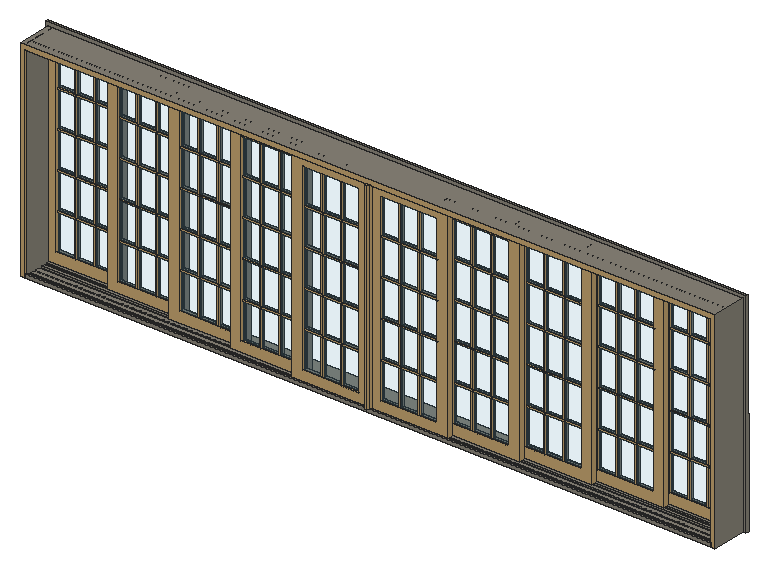
Revit family (continued)
Definition of nested family "Casing_Clad"
  Lines and regions (in)
    symbolic lines, style "Frame/Mullion", visible <- "BMC Visibility", detail levels coarse+medium
      curve 7: line (-338.08307, 1.25, 0) -> (-338.67969, 1.25, 0)
      curve 8: line (-337.74799, 1.09375, 0) -> (-338.08307, 1.25, 0)
      curve 9: line (-337.36719, 1.09375, 0) -> (-337.74799, 1.09375, 0)
      curve 10: line (-338.67969, 1.25, 0) -> (-338.67969, 0, 0)
      curve 15: line (338.67969, 0, 0) -> (338.67969, 1.25, 0)
      curve 16: line (338.67969, 1.25, 0) -> (338.08307, 1.25, 0)
      curve 17: line (338.08307, 1.25, 0) -> (337.74799, 1.09375, 0)
      curve 18: line (337.74799, 1.09375, 0) -> (337.36719, 1.09375, 0)
  Dimensions and locks (in)
    "Width": plane 6 to plane 5
    equal spacing: plane 6, plane 3 "Center (Left/Right)", plane 5
    "Height": plane 4 to plane 2
    aligned and locked: plane 4 to Sweep 1 sketch curve
    aligned and locked: plane 5 to Sweep 1 sketch curve
    aligned and locked: plane 2 to Sweep 1 sketch curve
    aligned and locked: Sweep 1 sketch curve to plane 2
    aligned and locked: plane 4 to Sweep 2 sketch curve
    aligned and locked: plane 5 to Sweep 2 sketch curve
    aligned and locked: plane 2 to Sweep 2 sketch curve
    aligned and locked: Sweep 2 sketch curve to plane 2
    aligned and locked: Masking region 1 sketch curve to Sweep 1
    aligned and locked: plane 1 "Center (Front/Back)" to Masking region 1 sketch curve
    aligned and locked: Sweep 2 to Masking region 1 sketch curve
    aligned and locked: Masking region 1 sketch curve to Sweep 2
    aligned and locked: Masking region 2 sketch curve to Sweep 2  (x3)
    aligned and locked: Sweep 2 to Masking region 2 sketch curve
    aligned and locked: Masking region 3 sketch curve to Sweep 2
    aligned and locked: Masking region 3 sketch curve to Sweep 1  (x4)
    aligned and locked: Sweep 1 to Masking region 3 sketch curve
    aligned and locked: Masking region 4 sketch curve to Sweep 2
    aligned and locked: Masking region 4 sketch curve to Sweep 1  (x5)
    aligned and locked: Masking region 5 sketch curve to Sweep 2  (x2)
    aligned and locked: Sweep 1 to Masking region 5 sketch curve
    aligned and locked: Masking region 5 sketch curve to Sweep 1
    aligned and locked: Masking region 6 sketch curve to Sweep 1  (x6)
    aligned and locked: curve 1 to Masking region 5
    aligned and locked: curve 2 to Sweep 2
    aligned and locked: curve 3 to Sweep 1
    aligned and locked: curve 4 to Masking region 6
    aligned and locked: curve 5 to Sweep 1
    aligned and locked: curve 6 to Masking region 6
    aligned and locked: Masking region 2 to curve 14
    aligned and locked: Masking region 3 to curve 16
    aligned and locked: Masking region 3 to curve 18
    aligned and locked: Sweep 2 sketch curve to plane 6
    aligned and locked: Sweep 1 sketch curve to plane 6
    aligned and locked: curve 11 to Sweep 2
    aligned and locked: curve 10 to Sweep 1
    aligned and locked: Sweep 1 to curve 7
    aligned and locked: curve 8 to Sweep 1
    aligned and locked: Sweep 1 to curve 9
    aligned and locked: curve 13 to Sweep 2
    aligned and locked: curve 15 to Sweep 1
    aligned and locked: curve 17 to Sweep 1
  Automatic sketch dimensions
    curve 1 to plane 4 = 0' - 0"
    curve 2 to plane 1 "Center (Front/Back)" = 0' - 0"
    curve 3 to plane 1 "Center (Front/Back)" = 0' - 0"
    curve 6 to plane 4 = 0' - 0"
    curve 10 to plane 1 "Center (Front/Back)" = 0' - 0"
    curve 11 to plane 1 "Center (Front/Back)" = 0' - 0"
    curve 13 to plane 1 "Center (Front/Back)" = 0' - 0"
    curve 15 to plane 1 "Center (Front/Back)" = 0' - 0"
    plane 5 to curve 12 = 0' - 0"
    curve 18 to plane 6 = 0' - 0"
Definition of nested family "Label Annotation 1-16 w5"
  Parameters
    Label = ""
    Egress Info = "EGRESS WDW"
    Description = "3664 FIXED"
  Reference planes (in)
    plane 1: y = 0
    plane 2: x = 0
  Text (in)
    label "Description" at (0.00375, -0.00345, 0), shows "Description"
Definition of nested family "Door_Section_Detail"
  Parameters (values of type "Door_Section_Detail")
    Performance Sill = no
    Panel Height = Height - 0' 2 7/32"  # 7' - 8 1/2"
    Panel 6 = yes
    Panel 5 = yes
    Panel 4 = yes
    Panel 3 = yes
    Jamb Depth = 1' - 6 55/64"
    Height = 7' - 10 23/32"
    Flush Sill = yes
    Flat Casing = no
    Casing Visibility = yes
    BMC = yes
    Assembly Code = ""
  Reference planes (in)
    plane 1 "Bottom": y = 0
    plane 2: z = 0
    plane 3 "Center (Left/Right)": x = 0
    plane 4: y = 94.71875
    plane 5: x = 18.85937
  Dimensions and locks (in)
    "Height": plane 4 to plane 1 "Bottom"
    "Jamb Depth": plane 3 "Center (Left/Right)" to plane 5
    locked: plane 3 "Center (Left/Right)" to nested 2 at 0.375
    locked: plane 1 "Bottom" to nested 2 at 1.21875
    aligned and locked: plane 4 to nested 1
    aligned and locked: plane 3 "Center (Left/Right)" to nested 1
    aligned and locked: nested 3 to plane 4
    aligned and locked: plane 3 "Center (Left/Right)" to nested 3
    aligned and locked: plane 3 "Center (Left/Right)" to nested 4
    aligned and locked: nested 4 to plane 4
    aligned and locked: plane 3 "Center (Left/Right)" to nested 5
    aligned and locked: nested 5 to plane 1 "Bottom"
  Nested families (in)
    nested 1: "Head_Detail" at (0, 94.71875, 0) x (0, 1, 0) z (0, 0, 1), type "Jamb_Detail", in view "Ref. Level"
    nested 2: "Panel_Section" at (0.375, 1.21875, 0), type "Panel_Detail", in view "Ref. Level"
      with Height 7' - 8 1/2"
    nested 3: "BMC_Detail" at (0, 94.71875, 0), visible <- "BMC", type "BMC_Detail", in view "Ref. Level"
    nested 4: "Flat_Casing_Detail" at (0, 94.71875, 0), visible <- "Flat Casing", type "Flat_Casing_Detail", in view "Ref. Level"
    nested 5: "Sill_Detail" at (0, 0, 0) x (0, 1, 0) z (0, 0, 1), type "Sill_Detail", in view "Ref. Level"
      with Performance Sill no, Flush Sill yes
  Definition of nested family "Head_Detail"
    Parameters (values of type "Jamb_Detail")
      Panel 6 = yes
      Panel 5 = yes
      Panel 4 = yes
      Panel 3 = yes
      Jamb Depth = 1' - 6 55/64"
      No Casing = not(Casing)  # no
      Casing = yes
      Assembly Code = ""
    Reference planes (in)
      plane 1 "Center (Front/Back)": y = 0
      plane 2: z = 0
      plane 3 "Center (Left/Right)": x = 0
      plane 4: y = -3.01172
      plane 5: y = -6.02344
      plane 6: y = -9.03516
      plane 7: y = -12.04688
      plane 8: y = -15.05859
    Lines and regions (in)
      detail lines, style "Cut Lines", in view "Ref. Level", visible <- "No Casing"
        curve 1: line (0.14, 0, 0) -> (1.4675, 0, 0)
        curve 2: line (1.4675, 0.04499, 0) -> (0, 0.04499, 0)
        curve 3: line (1.4675, 0, 0) -> (1.4675, 0.04499, 0)
        curve 4: line (0.14, -0.11, 0) -> (0.14, 0, 0)
        curve 5: line (0, -0.11, 0) -> (0.14, -0.11, 0)
      detail lines, style "Cut Lines", in view "Ref. Level"
        curve 6: line (0, 1.0935, 0) -> (0, -18.85938, 0)
        curve 7: line (0, 1.0935, 0) -> (-0.84375, 1.0935, 0)
        curve 8: line (-0.84375, 1.0935, 0) -> (-0.84375, 0.40625, 0)
        curve 9: line (-0.84375, 0.40625, 0) -> (-1.8125, 0.40625, 0)
        curve 10: line (-1.8125, 0.40625, 0) -> (-1.8125, 0, 0)
        curve 11: line (-1.971, -18.85938, 0) -> (0, -18.85938, 0)
        curve 12: line (-1.971, -18.07813, 0) -> (-1.971, -18.85938, 0)
        curve 14: line (-1.971, -18.07813, 0) -> (-1.5, -18.07813, 0)
        curve 17: line (-1.5, -18.07813, 0) -> (-1.5, -17.82813, 0)
        curve 18: line (-1.5, -17.82813, 0) -> (-0.25, -17.82813, 0)
        curve 20: line (-1.5, 0, 0) -> (-1.8125, 0, 0)
        curve 21: line (-1.5, 0, 0) -> (-1.5, -0.25, 0)
        curve 22: line (-1.5, -0.25, 0) -> (-0.25, -0.25, 0)
        curve 32: line (-1.5, -2.74219, 0) -> (-1.5, -3.28125, 0)
        curve 33: line (-1.5, -3.28125, 0) -> (-0.25, -3.28125, 0)
        curve 34: line (-1.5, -2.74219, 0) -> (-0.25, -2.74219, 0)
        curve 35: line (-0.25, -2.74219, 0) -> (-0.25, -0.25, 0)
        curve 37: line (-0.25, -5.75391, 0) -> (-0.25, -3.28125, 0)
      detail lines, style "Cut Lines", in view "Ref. Level", visible <- "Panel 6"
        curve 13: line (-0.25, -17.82813, 0) -> (-0.25, -15.32813, 0)
        curve 15: line (-1.5, -14.78906, 0) -> (-1.5, -15.32813, 0)
        curve 16: line (-1.5, -15.32813, 0) -> (-0.25, -15.32813, 0)
        curve 19: line (-1.5, -14.78906, 0) -> (-0.25, -14.78906, 0)
      detail lines, style "Cut Lines", in view "Ref. Level", visible <- "Panel 5"
        curve 23: line (-1.5, -11.77734, 0) -> (-1.5, -12.31641, 0)
        curve 24: line (-1.5, -12.31641, 0) -> (-0.25, -12.31641, 0)
        curve 25: line (-1.5, -11.77734, 0) -> (-0.25, -11.77734, 0)
        curve 43: line (-0.25, -14.78906, 0) -> (-0.25, -12.31641, 0)
      detail lines, style "Cut Lines", in view "Ref. Level", visible <- "Panel 4"
        curve 26: line (-1.5, -8.76562, 0) -> (-1.5, -9.30469, 0)
        curve 27: line (-1.5, -9.30469, 0) -> (-0.25, -9.30469, 0)
        curve 28: line (-1.5, -8.76562, 0) -> (-0.25, -8.76562, 0)
        curve 41: line (-0.25, -11.77734, 0) -> (-0.25, -9.30469, 0)
      detail lines, style "Cut Lines", in view "Ref. Level", visible <- "Panel 3"
        curve 29: line (-1.5, -5.75391, 0) -> (-1.5, -6.29297, 0)
        curve 30: line (-1.5, -6.29297, 0) -> (-0.25, -6.29297, 0)
        curve 31: line (-1.5, -5.75391, 0) -> (-0.25, -5.75391, 0)
        curve 39: line (-0.25, -8.76562, 0) -> (-0.25, -6.29297, 0)
      detail lines, style "InvisibleLines", in view "Ref. Level"
        curve 36: line (-0.25, -3.28125, 0) -> (-0.25, -2.74219, 0)
      detail lines, style "InvisibleLines", in view "Ref. Level", visible <- "Panel 3"
        curve 38: line (-0.25, -6.29297, 0) -> (-0.25, -5.75391, 0)
      detail lines, style "InvisibleLines", in view "Ref. Level", visible <- "Panel 4"
        curve 40: line (-0.25, -9.30469, 0) -> (-0.25, -8.76562, 0)
      detail lines, style "InvisibleLines", in view "Ref. Level", visible <- "Panel 5"
        curve 42: line (-0.25, -12.31641, 0) -> (-0.25, -11.77734, 0)
      detail lines, style "InvisibleLines", in view "Ref. Level", visible <- "Panel 6"
        curve 44: line (-0.25, -15.32813, 0) -> (-0.25, -14.78906, 0)
    Dimensions and locks (in)
      "Jamb Depth": curve 11 to plane 1 "Center (Front/Back)"
      curve 11 to curve 14 to curve 18 = 0' - 0 25/32" locked, 0' - 0 1/4" locked
      locked: curve 22 to curve 20 at 0.25
      equal spacing: plane 8, plane 7, plane 6, plane 5, plane 4, plane 1 "Center (Front/Back)"
      curve 33 to plane 4 to curve 34 = 0' - 0 69/256" locked, 0' - 0 69/256" locked
      curve 30 to plane 5 to curve 31 = 0' - 0 69/256" locked, 0' - 0 69/256" locked
      curve 27 to plane 6 to curve 28 = 0' - 0 69/256" locked, 0' - 0 69/256" locked
      curve 24 to plane 7 to curve 25 = 0' - 0 69/256" locked, 0' - 0 69/256" locked
      curve 16 to plane 8 to curve 19 = 0' - 0 69/256" locked, 0' - 0 69/256" locked
    Automatic sketch dimensions
      curve 10 to plane 1 "Center (Front/Back)" = 0' - 0"
      curve 11 to plane 3 "Center (Left/Right)" = 0' - 0"
      curve 4 to plane 1 "Center (Front/Back)" = 0' - 0"
      curve 27 to plane 3 "Center (Left/Right)" = 0' - 0 1/4"
      curve 9 to plane 1 "Center (Front/Back)" = 0' - 0 13/32"
      curve 9 to plane 3 "Center (Left/Right)" = 0' - 0 27/32"
      curve 27 to curve 27 = 0' - 1 1/4"
      curve 19 to curve 19 = 0' - 1 1/4"
      curve 17 to curve 13 = 0' - 1 1/4"
      curve 20 to curve 8 = 0' - 0 21/32"
      curve 23 to curve 24 = 0' - 1 1/4"
      curve 34 to curve 34 = 0' - 1 1/4"
      curve 31 to curve 31 = 0' - 1 1/4"
      curve 20 to curve 20 = 0' - 0 5/16"
      curve 14 to curve 14 = 0' - 0.471"
      plane 3 "Center (Left/Right)" to curve 4 = 0' - 0.14"
      curve 2 to plane 1 "Center (Front/Back)" = 0' - 0.04499"
      curve 1 to curve 2 = 0' - 1.3275"
      plane 1 "Center (Front/Back)" to curve 5 = 0' - 0.11"
      curve 2 to curve 7 = 0' - 1.04851"
      curve 19 to plane 8 = 0' - 0 69/256"
      plane 8 to curve 16 = 0' - 0 69/256"
  Definition of nested family "Panel_Section"
    Parameters (values of type "Panel_Detail")
      Height = 7' - 11 9/32"
      Assembly Code = ""
    Reference planes (in)
      plane 1 "Bottom": y = 0
      plane 2: z = 0
      plane 3 "Center (Left/Right)": x = 0
      plane 4: x = 2.21875
      plane 5: y = 95.28125
    Lines and regions (in)
      detail lines, style "Cut Lines", in view "Ref. Level"
        curve 1: line (0.4863, 4.07825, 0) -> (0.4863, 91.203, 0)
        curve 2: line (0.6738, 4.07825, 0) -> (0.6738, 91.203, 0)
        curve 3: line (1.2363, 91.203, 0) -> (1.2363, 4.07825, 0)
        curve 4: line (1.4238, 4.07825, 0) -> (1.4238, 91.203, 0)
    Dimensions and locks (in)
      locked: plane 3 "Center (Left/Right)" to plane 4 at 2.21875
      "Height": plane 1 "Bottom" to plane 5
      aligned and locked: nested 2 to plane 5
      aligned and locked: nested 2 to plane 3 "Center (Left/Right)"
      aligned and locked: nested 1 to plane 1 "Bottom"
      aligned and locked: plane 3 "Center (Left/Right)" to nested 1
      aligned and locked: curve 1 to nested 1  (x2)
      aligned and locked: curve 2 to nested 1
      aligned and locked: nested 1 to curve 2
      aligned and locked: nested 2 to curve 2
      aligned and locked: curve 3 to nested 2
      aligned and locked: nested 1 to curve 3
      aligned and locked: nested 2 to curve 3
      aligned and locked: nested 1 to curve 4
      aligned and locked: curve 4 to nested 1
    Automatic sketch dimensions
      curve 4 to curve 3 = 0' - 0"
      curve 1 to curve 2 = 0' - 0"
    Nested families (in)
      nested 1: "Stile_Detail" at (0, 0, 0) x (0, 1, 0) z (0, 0, 1), type "Stile_Detail", in view "Ref. Level"
      nested 2: "Stile_Detail" at (0, 95.28125, 0) x (0, -1, 0) z (0, 0, 1), type "Stile_Detail", in view "Ref. Level"
    Definition of nested family "Stile_Detail"
      Parameters (values of type "Stile_Detail")
        Assembly Code = ""
      Reference planes (in)
        plane 1 "Center (Front/Back)": y = 0
        plane 2: z = 0
        plane 3 "Center (Left/Right)": x = 0
      Lines and regions (in)
        detail lines, style "Cut Lines", in view "Ref. Level"
          curve 1: line (0, 0, 0) -> (4.48438, 0, 0)
          curve 2: line (4.73438, -2.21875, 0) -> (0, -2.21875, 0)
          curve 3: line (4.73438, -0.39904, 0) -> (4.73438, -0.4375, 0)
          curve 4: line (0, -2.21875, 0) -> (0, 0, 0)
          curve 5: line (4.48438, 0, 0) -> (4.48438, -0.14904, 0)
          curve 6: line (4.48438, -0.14904, 0) -> (4.73438, -0.39904, 0)
          curve 7: line (4, -0.4375, 0) -> (4, -1.5, 0)
          curve 8: line (4, -0.4375, 0) -> (4.73438, -0.4375, 0)
          curve 9: line (4, -1.5, 0) -> (4.73438, -1.5, 0)
          curve 10: line (4.73438, -1.5, 0) -> (4.73438, -2.21875, 0)
          curve 11: line (4.07825, -0.4863, 0) -> (4.07825, -1.4238, 0)
          curve 12: line (4.38075, -0.6738, 0) -> (4.38075, -1.2363, 0)
  Definition of nested family "BMC_Detail"
    Parameters (values of type "BMC_Detail")
      Assembly Code = ""
    Reference planes (in)
      plane 1 "Center (Front/Back)": y = 0
      plane 2: z = 0
      plane 3 "Center (Left/Right)": x = 0
    Lines and regions (in)
      detail lines, style "Cut Lines", in view "Ref. Level"
        curve 1: line (-1.25, 0.71589, 0) -> (-1.25, 1.3125, 0)
        curve 2: line (-1.25, 1.3125, 0) -> (0, 1.3125, 0)
        curve 3: line (0, 0, 0) -> (-1.09375, 0, 0)
        curve 4: line (-1.09375, 0, 0) -> (-1.09375, 0.38081, 0)
        curve 5: line (-1.09375, 0.38081, 0) -> (-1.25, 0.71589, 0)
        curve 6: line (0, 0, 0) -> (0, 1.3125, 0)
  Definition of nested family "Flat_Casing_Detail"
    Parameters (values of type "Flat_Casing_Detail")
      Assembly Code = ""
    Reference planes (in)
      plane 1 "Center (Front/Back)": y = 0
      plane 2: z = 0
      plane 3 "Center (Left/Right)": x = 0
    Lines and regions (in)
      detail lines, style "Cut Lines", in view "Ref. Level"
        curve 1: line (-1.09375, 3, 0) -> (0, 3, 0)
        curve 2: line (0, 0, 0) -> (-1.09375, 0, 0)
        curve 3: line (-1.09375, 0, 0) -> (-1.09375, 3, 0)
        curve 4: line (0, 0, 0) -> (0, 3, 0)
  Definition of nested family "Sill_Detail"
    Parameters (values of type "Sill_Detail")
      Performance Sill = yes
      Panel 6 = yes
      Panel 5 = yes
      Panel 4 = yes
      Panel 3 = yes
      Jamb Depth = 1' - 6 55/64"
      Flush Sill = no
      Assembly Code = ""
    Reference planes (in)
      plane 1 "Center (Front/Back)": y = 0
      plane 2: z = 0
      plane 3 "Center (Left/Right)": x = 0
      plane 4: y = -1.50586
      plane 5: y = -4.51758
      plane 6: y = -7.5293
      plane 7: y = -10.54102
      plane 8: y = -13.55273
      plane 9: y = -16.56445
    Lines and regions (in)
      detail lines, style "Cut Lines", in view "Ref. Level"
        curve 1: line (0, 1.03125, 0) -> (0, -18.85938, 0)
        curve 2: line (0, 1.03125, 0) -> (0.75, 1.03125, 0)
        curve 3: line (0.75, 1.03125, 0) -> (0.75, -0.63177, 0)
        curve 10: line (0.75, -18.39062, 0) -> (0.75, -17.12695, 0)
        curve 11: line (0.75, -17.12695, 0) -> (0.25, -17.12695, 0)
        curve 13: line (0.75, -0.63177, 0) -> (0.25, -0.63177, 0)
        curve 23: line (0.75, -2.06836, 0) -> (0.75, -3.64258, 0)
        curve 24: line (0.75, -3.64258, 0) -> (0.25, -3.64258, 0)
        curve 25: line (0.75, -2.06836, 0) -> (0.25, -2.06836, 0)
        curve 26: line (0.25, -2.06836, 0) -> (0.25, -1.55751, 0)
        curve 28: line (0.25, -5.08008, 0) -> (0.25, -3.64258, 0)
        curve 37: line (0.75, -18.85938, 0) -> (0, -18.85938, 0)
        curve 38: line (0.375, -1.88086, 0) -> (0.375, -1.75586, 0)
        curve 39: line (1.21875, -0.81981, 0) -> (0.375, -0.81981, 0)
        curve 40: line (1.21875, -1.88086, 0) -> (0.375, -1.88086, 0)
        curve 41: line (0.965, -0.94481, 0) -> (0.375, -0.94481, 0)
        curve 42: line (0.965, -1.75586, 0) -> (0.965, -0.94481, 0)
        curve 43: line (0.375, -0.94481, 0) -> (0.375, -0.81981, 0)
        curve 76: line (0.65964, -4.29883, 0) -> (0.455, -4.29883, 0)
        curve 77: line (0.65964, -4.51758, 0) -> (0.455, -4.51758, 0)
        curve 78: line (0.65964, -4.29883, 0) -> (0.65964, -4.51758, 0)
        curve 79: line (0.455, -4.51758, 0) -> (0.37044, -4.67383, 0)
        curve 80: line (0.37044, -4.67383, 0) -> (0.25, -4.67383, 0)
        curve 81: line (0.455, -4.29883, 0) -> (0.37044, -4.14258, 0)
        curve 82: line (0.37044, -4.14258, 0) -> (0.25, -4.14258, 0)
        curve 83: line (0.25, -4.14258, 0) -> (0.25, -4.67383, 0)
        curve 84: line (0.25, -1.13177, 0) -> (0.375, -1.13177, 0)
        curve 85: line (0.25, -1.55751, 0) -> (0.375, -1.55751, 0)
        curve 86: line (0.25, -1.13177, 0) -> (0.25, -0.63177, 0)
        curve 87: line (0.965, -1.75586, 0) -> (0.375, -1.75586, 0)
        curve 88: line (0.375, -1.00877, 0) -> (0.965, -0.94481, 0)
        curve 89: line (0.375, -1.00877, 0) -> (0.375, -1.68052, 0)
        curve 90: line (0.375, -1.68052, 0) -> (0.965, -1.74447, 0)
        curve 91: line (0.965, -1.01515, 0) -> (0.46875, -1.0929, 0)
        curve 92: line (0.46875, -1.59638, 0) -> (0.965, -1.67498, 0)
        curve 93: line (0.46875, -1.0929, 0) -> (0.46875, -1.59638, 0)
      detail lines, style "Cut Lines", in view "Ref. Level", visible <- "Performance Sill"
        curve 4: line (1.8125, -18.85938, 0) -> (0.75, -18.85938, 0)
        curve 5: line (1.8125, -18.39062, 0) -> (1.8125, -18.85938, 0)
        curve 7: line (1.8125, -18.39062, 0) -> (0.75, -18.39062, 0)
      detail lines, style "Cut Lines", in view "Ref. Level", visible <- "Panel 6"
        curve 6: line (0.25, -17.12695, 0) -> (0.25, -15.68945, 0)
        curve 8: line (0.75, -14.11523, 0) -> (0.75, -15.68945, 0)
        curve 9: line (0.75, -15.68945, 0) -> (0.25, -15.68945, 0)
        curve 12: line (0.75, -14.11523, 0) -> (0.25, -14.11523, 0)
        curve 44: line (0.65964, -16.3457, 0) -> (0.455, -16.3457, 0)
        curve 45: line (0.65964, -16.56445, 0) -> (0.455, -16.56445, 0)
        curve 46: line (0.65964, -16.3457, 0) -> (0.65964, -16.56445, 0)
        curve 47: line (0.455, -16.56445, 0) -> (0.37044, -16.7207, 0)
        curve 48: line (0.37044, -16.7207, 0) -> (0.25, -16.7207, 0)
        curve 49: line (0.455, -16.3457, 0) -> (0.37044, -16.18945, 0)
        curve 50: line (0.37044, -16.18945, 0) -> (0.25, -16.18945, 0)
        curve 51: line (0.25, -16.18945, 0) -> (0.25, -16.7207, 0)
      detail lines, style "Cut Lines", in view "Ref. Level", visible <- "Panel 5"
        curve 14: line (0.75, -11.10352, 0) -> (0.75, -12.67773, 0)
        curve 15: line (0.75, -12.67773, 0) -> (0.25, -12.67773, 0)
        curve 16: line (0.75, -11.10352, 0) -> (0.25, -11.10352, 0)
        curve 34: line (0.25, -14.11523, 0) -> (0.25, -12.67773, 0)
        curve 52: line (0.65964, -13.33398, 0) -> (0.455, -13.33398, 0)
        curve 53: line (0.65964, -13.55273, 0) -> (0.455, -13.55273, 0)
        curve 54: line (0.65964, -13.33398, 0) -> (0.65964, -13.55273, 0)
        curve 55: line (0.455, -13.55273, 0) -> (0.37044, -13.70898, 0)
        curve 56: line (0.37044, -13.70898, 0) -> (0.25, -13.70898, 0)
        curve 57: line (0.455, -13.33398, 0) -> (0.37044, -13.17773, 0)
        curve 58: line (0.37044, -13.17773, 0) -> (0.25, -13.17773, 0)
        curve 59: line (0.25, -13.17773, 0) -> (0.25, -13.70898, 0)
      detail lines, style "Cut Lines", in view "Ref. Level", visible <- "Panel 4"
        curve 17: line (0.75, -8.0918, 0) -> (0.75, -9.66602, 0)
        curve 18: line (0.75, -9.66602, 0) -> (0.25, -9.66602, 0)
        curve 19: line (0.75, -8.0918, 0) -> (0.25, -8.0918, 0)
        curve 32: line (0.25, -11.10352, 0) -> (0.25, -9.66602, 0)
        curve 60: line (0.65964, -10.32227, 0) -> (0.455, -10.32227, 0)
        curve 61: line (0.65964, -10.54102, 0) -> (0.455, -10.54102, 0)
        curve 62: line (0.65964, -10.32227, 0) -> (0.65964, -10.54102, 0)
        curve 63: line (0.455, -10.54102, 0) -> (0.37044, -10.69727, 0)
        curve 64: line (0.37044, -10.69727, 0) -> (0.25, -10.69727, 0)
        curve 65: line (0.455, -10.32227, 0) -> (0.37044, -10.16602, 0)
        curve 66: line (0.37044, -10.16602, 0) -> (0.25, -10.16602, 0)
        curve 67: line (0.25, -10.16602, 0) -> (0.25, -10.69727, 0)
      detail lines, style "Cut Lines", in view "Ref. Level", visible <- "Panel 3"
        curve 20: line (0.75, -5.08008, 0) -> (0.75, -6.6543, 0)
        curve 21: line (0.75, -6.6543, 0) -> (0.25, -6.6543, 0)
        curve 22: line (0.75, -5.08008, 0) -> (0.25, -5.08008, 0)
        curve 30: line (0.25, -8.0918, 0) -> (0.25, -6.6543, 0)
        curve 68: line (0.65964, -7.31055, 0) -> (0.455, -7.31055, 0)
        curve 69: line (0.65964, -7.5293, 0) -> (0.455, -7.5293, 0)
        curve 70: line (0.65964, -7.31055, 0) -> (0.65964, -7.5293, 0)
        curve 71: line (0.455, -7.5293, 0) -> (0.37044, -7.68555, 0)
        curve 72: line (0.37044, -7.68555, 0) -> (0.25, -7.68555, 0)
        curve 73: line (0.455, -7.31055, 0) -> (0.37044, -7.1543, 0)
        curve 74: line (0.37044, -7.1543, 0) -> (0.25, -7.1543, 0)
        curve 75: line (0.25, -7.1543, 0) -> (0.25, -7.68555, 0)
      detail lines, style "InvisibleLines", in view "Ref. Level"
        curve 27: line (0.25, -3.64258, 0) -> (0.25, -2.06836, 0)
      detail lines, style "InvisibleLines", in view "Ref. Level", visible <- "Panel 3"
        curve 29: line (0.25, -6.6543, 0) -> (0.25, -5.08008, 0)
      detail lines, style "InvisibleLines", in view "Ref. Level", visible <- "Panel 4"
        curve 31: line (0.25, -9.66602, 0) -> (0.25, -8.0918, 0)
      detail lines, style "InvisibleLines", in view "Ref. Level", visible <- "Panel 5"
        curve 33: line (0.25, -12.67773, 0) -> (0.25, -11.10352, 0)
      detail lines, style "InvisibleLines", in view "Ref. Level", visible <- "Panel 6"
        curve 35: line (0.25, -15.68945, 0) -> (0.25, -14.11523, 0)
      detail lines, style "Cut Lines", in view "Ref. Level", visible <- "Flush Sill"
        curve 36: line (0.75, -18.39062, 0) -> (0.75, -18.85938, 0)
    Dimensions and locks (in)
      "Jamb Depth": curve 37 to plane 1 "Center (Front/Back)"
      plane 9 to plane 8 to plane 7 to plane 6 to plane 5 to plane 4 to plane 1 "Center (Front/Back)" = 0' - 3 3/256" locked, 0' - 3 3/256" locked, 0' - 3 3/256" locked, 0' - 3 3/256" locked, 0' - 3 3/256" locked, 0' - 1.50586" locked
      locked: plane 1 "Center (Front/Back)" to curve 2 at 1.03125
      curve 25 to plane 4 to curve 13 = 0' - 0 9/16" locked, 0' - 0.87409" locked
      curve 24 to plane 5 to curve 22 = 0' - 0 7/8" locked, 0' - 0 9/16" locked
      curve 21 to plane 6 to curve 19 = 0' - 0 7/8" locked, 0' - 0 9/16" locked
      curve 18 to plane 7 to curve 16 = 0' - 0 7/8" locked, 0' - 0 9/16" locked
      curve 15 to plane 8 to curve 12 = 0' - 0 7/8" locked, 0' - 0 9/16" locked
      locked: curve 9 to plane 9 at 0.875
      curve 11 to curve 7 to curve 37 = 0' - 1.26367" locked, 0' - 0 15/32" locked
      locked: plane 3 "Center (Left/Right)" to curve 5 at 1.8125
      locked: plane 3 "Center (Left/Right)" to curve 3 at 0.75
      curve 58 to plane 8 to curve 56 = 0' - 0 3/8" locked, 0' - 0 5/32" locked
      curve 66 to plane 7 to curve 64 = 0' - 0 3/8" locked, 0' - 0 5/32" locked
      curve 74 to plane 6 to curve 72 = 0' - 0 3/8" locked, 0' - 0 5/32" locked
      curve 82 to plane 5 to curve 80 = 0' - 0 3/8" locked, 0' - 0 5/32" locked
      curve 50 to plane 9 to curve 48 = 0' - 0 3/8" locked, 0' - 0 5/32" locked
      aligned and locked: curve 3 to curve 23
      aligned and locked: curve 3 to curve 20
      aligned and locked: curve 3 to curve 17
      aligned and locked: curve 3 to curve 14
      aligned and locked: curve 3 to curve 8
      aligned and locked: curve 10 to curve 3
    Automatic sketch dimensions
      curve 1 to plane 3 "Center (Left/Right)" = 0' - 0"
      curve 63 to plane 7 = 0' - 0"
      curve 47 to plane 9 = 0' - 0"
      curve 53 to plane 8 = 0' - 0"
      curve 79 to plane 5 = 0' - 0"
      curve 69 to plane 6 = 0' - 0"
      plane 3 "Center (Left/Right)" to curve 86 = 0' - 0 1/4"
      plane 4 to curve 85 = 0' - 0.05165"
      plane 3 "Center (Left/Right)" to curve 85 = 0' - 0 1/4"
      plane 3 "Center (Left/Right)" to curve 83 = 0' - 0 1/4"
      curve 51 to curve 50 = 0' - 0"
      plane 3 "Center (Left/Right)" to curve 75 = 0' - 0 1/4"
      plane 3 "Center (Left/Right)" to curve 56 = 0' - 0 1/4"
      plane 3 "Center (Left/Right)" to curve 67 = 0' - 0 1/4"
      curve 58 to curve 57 = 0' - 0.12044"
      curve 64 to curve 64 = 0' - 0.12044"
      curve 66 to curve 65 = 0' - 0.12044"
      curve 72 to curve 71 = 0' - 0.12044"
      curve 74 to curve 73 = 0' - 0.12044"
      curve 56 to curve 56 = 0' - 0.12044"
      curve 80 to curve 79 = 0' - 0.12044"
      curve 82 to curve 81 = 0' - 0.12044"
      curve 50 to curve 50 = 0' - 0.12044"
      curve 48 to curve 48 = 0' - 0.12044"
      curve 84 to curve 89 = 0' - 0 1/8"
      curve 43 to curve 88 = 0' - 0"
      curve 87 to curve 89 = 0' - 0"
      plane 9 to curve 49 = 0' - 0 7/32"
      curve 49 to curve 49 = 0' - 0.08456"
      curve 63 to curve 63 = 0' - 0.08456"
      curve 47 to curve 47 = 0' - 0.08456"
      plane 7 to curve 65 = 0' - 0 7/32"
      curve 65 to curve 65 = 0' - 0.08456"
      curve 81 to curve 76 = 0' - 0.08456"
      curve 57 to curve 52 = 0' - 0.08456"
      curve 55 to curve 53 = 0' - 0.08456"
      curve 79 to curve 79 = 0' - 0.08456"
      curve 73 to plane 6 = 0' - 0 7/32"
      curve 73 to curve 73 = 0' - 0.08456"
      curve 71 to curve 69 = 0' - 0.08456"
      plane 4 to curve 92 = 0' - 0.09052"
      curve 85 to curve 92 = 0' - 0 3/32"
      curve 61 to curve 61 = 0' - 0.20464"
      curve 52 to curve 52 = 0' - 0.20464"
      curve 77 to curve 78 = 0' - 0.20464"
      curve 45 to curve 46 = 0' - 0.20464"
      curve 68 to curve 68 = 0' - 0.20464"
      plane 4 to curve 92 = 0' - 0.16912"
      curve 23 to curve 92 = 0' - 0.215"
      curve 42 to curve 40 = 0' - 0.25375"
      curve 41 to curve 39 = 0' - 0.25375"
      curve 52 to plane 8 = 0' - 0 7/32"
      curve 81 to curve 81 = 0' - 0 5/32"
      curve 40 to curve 92 = 0' - 0.20588"
      curve 87 to curve 92 = 0' - 0.08088"
      curve 42 to curve 90 = 0' - 0.01139"
      curve 38 to curve 90 = 0' - 0.07534"
      curve 84 to plane 4 = 0' - 0.37409"
      curve 84 to curve 93 = 0' - 0.03887"
      curve 91 to curve 3 = 0' - 0.38338"
      curve 84 to curve 89 = 0' - 0.123"
      curve 91 to curve 88 = 0' - 0.07034"
      curve 41 to curve 39 = 0' - 0 1/8"
Definition of nested family "Door_Plan_Detail"
  Parameters (values of type "Door_Plan_Detail")
    Width = 16' - 0"
    Stile Overlap = 0' - 4 47/64"
    Panel Width = 1' - 10 203/256"
    Panel 5 = yes
    Panel 4 = yes
    Panel 3 = yes
    Number of Panels = 10
    Jamb Depth = 1' - 3 27/32"
    Casing = no
    Assembly Code = ""
  Reference planes (in)
    plane 1 "Center (Front/Back)": y = 0
    plane 2: z = 0
    plane 3 "Center (Left/Right)": x = 0
    plane 4: x = -96
    plane 5: x = 96
    plane 6: y = -15.84375
    plane 7: x = -95.07812
    plane 8: x = 95.07812
    plane 9: x = -54.22656
    plane 10: x = -58.96094
    plane 11: x = -72.28516
    plane 12: x = -77.01953
    plane 13: x = -36.16797
    plane 14: y = -0.375
    plane 15: y = -3.39453
    plane 16: y = -6.41406
    plane 17: y = -9.43359
    plane 18: x = -40.90234
    plane 19: x = -22.84375
    plane 20: x = -18.10937
    plane 21: y = -12.45313
    plane 22: y = -12.45703
    plane 23: x = 54.22656
    plane 24: x = 58.96094
    plane 25: x = 72.28516
    plane 26: x = 77.01953
    plane 27: x = 36.16797
    plane 28: x = 40.90234
    plane 29: x = 22.84375
    plane 30: x = 18.10937
  Lines and regions (in)
    Masking region 1, in view "Ref. Level"
      outline origin (0, 0, 0) x (1, 0, 0) y (0, 1, 0)
        loop
          line (-96, 1.0935) -> (-96, -15.84375) -> (-0.47899, -15.84375) -> (0.75553, -15.84375) -> (96, -15.84375) -> (96, 1.0935) -> (-96, 1.0935)
    Masking region 2, in view "Ref. Level", detail levels fine
      outline origin (0, 0, 0) x (1, 0, 0) y (0, 1, 0)
        loop
          line (-0.47899, -15.84375) -> (-0.32671, -17.30088) -> (0.60238, -17.30088) -> (0.75553, -15.84375) -> (-0.47899, -15.84375)
    detail lines, style "Cut Lines", in view "Ref. Level", detail levels fine
      curve 1: line (1.02648, -14.67578, 0) -> (0.92463, -15.64478, 0)
      curve 2: line (0.92463, -15.64478, 0) -> (0.77644, -15.64478, 0)
      curve 3: line (0.77644, -15.64478, 0) -> (0.75553, -15.84375, 0)
      curve 4: line (-0.74972, -14.67578, 0) -> (-0.64839, -15.64478, 0)
      curve 5: line (-0.64839, -15.64478, 0) -> (-0.49978, -15.64478, 0)
      curve 6: line (-0.49978, -15.64478, 0) -> (-0.47899, -15.84375, 0)
      curve 7: line (-0.74972, -14.67578, 0) -> (1.02648, -14.67578, 0)
    detail lines, in view "Ref. Level", detail levels coarse+medium
      curve 8: line (-0.47899, -15.84375, 0) -> (0.75553, -15.84375, 0)
  Dimensions and locks (in)
    equal spacing: plane 4, plane 3 "Center (Left/Right)", plane 5
    "Width": plane 4 to plane 5
    "Jamb Depth": plane 6 to plane 1 "Center (Front/Back)"
    locked: plane 4 to plane 7 at 0.92188
    "Stile Overlap": plane 10 to plane 9
    locked: plane 8 to plane 5 at 0.92188
    "Stile Overlap": plane 12 to plane 11
    "Panel Width": plane 7 to plane 11
    "Panel Width": plane 12 to plane 9
    "Panel Width": plane 10 to plane 13
    locked: plane 17 to plane 16 at 3.01953
    locked: plane 16 to plane 15 at 3.01953
    locked: plane 15 to plane 14 at 3.01953
    locked: plane 14 to plane 1 "Center (Front/Back)" at 0.375
    "Stile Overlap": plane 20 to plane 19
    "Panel Width": plane 18 to plane 20
    locked: plane 21 to plane 17 at 3.01953
    locked: plane 6 to plane 22 at 3.38672
    "Stile Overlap": plane 18 to plane 13
    "Stile Overlap": plane 24 to plane 23
    "Stile Overlap": plane 26 to plane 25
    "Panel Width": plane 26 to plane 23
    "Panel Width": plane 24 to plane 27
    "Stile Overlap": plane 30 to plane 29
    "Panel Width": plane 28 to plane 30
    "Stile Overlap": plane 28 to plane 27
    "Panel Width": plane 25 to plane 8
    Masking region 2 sketch curve to plane 3 "Center (Left/Right)" to Masking region 2 sketch curve = 0' - 0.47899" locked, 0' - 0.75553" locked
    Masking region 2 sketch curve to plane 3 "Center (Left/Right)" to Masking region 2 sketch curve = 0' - 0.32671" locked, 0' - 0.60238" locked
    locked: Masking region 2 sketch curve to plane 6 at 1.45713
    curve 7 to plane 3 "Center (Left/Right)" to curve 7 = 0' - 0.74972" locked, 0' - 1.02648" locked
    locked: plane 6 to curve 7 at 1.16797
    aligned and locked: plane 4 to nested 1
    aligned and locked: plane 1 "Center (Front/Back)" to nested 1
    aligned and locked: plane 7 to nested 2
    aligned and locked: plane 14 to nested 2
    aligned and locked: plane 15 to nested 3
    aligned and locked: plane 12 to nested 3
    aligned and locked: plane 10 to nested 4
    aligned and locked: plane 16 to nested 4
    aligned and locked: plane 18 to nested 5
    aligned and locked: plane 17 to nested 5
    aligned and locked: nested 6 to plane 19
    aligned and locked: plane 21 to nested 6
    aligned and locked: nested 7 to plane 5
    aligned and locked: nested 7 to plane 1 "Center (Front/Back)"
    aligned and locked: nested 12 to plane 22
    aligned and locked: plane 29 to nested 12
    aligned and locked: nested 11 to plane 28
    aligned and locked: nested 10 to plane 24
    aligned and locked: nested 11 to plane 17
    aligned and locked: nested 10 to plane 16
    aligned and locked: nested 9 to plane 15
    aligned and locked: nested 9 to plane 26
    aligned and locked: plane 8 to nested 8
    aligned and locked: nested 8 to plane 14
    aligned and locked: nested 1 to Masking region 1 sketch curve
    aligned and locked: Masking region 1 sketch curve to nested 1
    aligned and locked: nested 7 to Masking region 1 sketch curve
    aligned and locked: Masking region 1 sketch curve to nested 7
    aligned and locked: Masking region 2 sketch curve to plane 6
    aligned and locked: Masking region 1 sketch curve to Masking region 2
    aligned and locked: Masking region 2 to Masking region 1 sketch curve
    aligned and locked: Masking region 1 to curve 8
    aligned and locked: curve 6 to Masking region 2
    aligned and locked: curve 3 to Masking region 2
  Automatic sketch dimensions
    curve 4 to curve 6 = 0' - 0.1486"
    curve 5 to curve 8 = 0' - 0.02079"
    curve 8 to curve 2 = 0' - 0.02091"
    curve 1 to curve 1 = 0' - 0.10185"
  Nested families (in)
    nested 1: "Jamb_Detail_2" at (-96, 0, 0), type "Jamb_Detail", in view "Ref. Level"
      with Jamb Depth 1' - 3 27/32"
    nested 2: "Panel_Detail" at (-83.68164, -0.375, 0), type "Panel", in view "Ref. Level"
      with Meeting Flange no, Width 1' - 10 203/256"
    nested 3: "Panel_Detail" at (-65.62305, -3.39453, 0), type "Panel", in view "Ref. Level"
      with Meeting Flange yes, Width 1' - 10 203/256"
    nested 4: "Panel_Detail" at (-47.56445, -6.41406, 0), visible <- "Panel 3", type "Panel", in view "Ref. Level"
      with Meeting Flange yes, Width 1' - 10 203/256"
    nested 5: "Panel_Detail" at (-29.50586, -9.43359, 0), visible <- "Panel 4", type "Panel", in view "Ref. Level"
      with Meeting Flange yes, Width 1' - 10 203/256"
    nested 6: "Panel_Detail" at (-11.44727, -12.45313, 0), visible <- "Panel 5", type "Panel", in view "Ref. Level"
      with Meeting Flange yes, Width 1' - 10 203/256"
    nested 7: "Jamb_Detail_2" at (96, 0, 0) x (-1, 0, 0) z (0, 0, 1), type "Jamb_Detail", in view "Ref. Level"
      with Jamb Depth 1' - 3 27/32"
    nested 8: "Panel_Detail" at (83.68164, -0.375, 0) x (-1, 0, 0) z (0, 0, 1), type "Panel", in view "Ref. Level"
      with Meeting Flange no, Width 1' - 10 203/256"
    nested 9: "Panel_Detail" at (65.62305, -3.39453, 0) x (-1, 0, 0) z (0, 0, 1), type "Panel", in view "Ref. Level"
      with Meeting Flange yes, Width 1' - 10 203/256"
    nested 10: "Panel_Detail" at (47.56445, -6.41406, 0) x (-1, 0, 0) z (0, 0, 1), visible <- "Panel 3", type "Panel", in view "Ref. Level"
      with Meeting Flange yes, Width 1' - 10 203/256"
    nested 11: "Panel_Detail" at (29.50586, -9.43359, 0) x (-1, 0, 0) z (0, 0, 1), visible <- "Panel 4", type "Panel", in view "Ref. Level"
      with Meeting Flange yes, Width 1' - 10 203/256"
    nested 12: "Panel_Detail" at (11.44727, -12.45703, 0) x (-1, 0, 0) z (0, 0, 1), visible <- "Panel 5", type "Panel", in view "Ref. Level"
      with Meeting Flange yes, Width 1' - 10 203/256"
  Definition of nested family "Jamb_Detail_2"
    Parameters (values of type "Jamb_Detail")
      Not Casing = not(Casing)  # yes
      Jamb Depth = 1' - 6 55/64"
      Casing = no
      Assembly Code = ""
    Reference planes (in)
      plane 1 "Center (Front/Back)": y = 0
      plane 2: z = 0
      plane 3 "Center (Left/Right)": x = 0
    Lines and regions (in)
      detail lines, style "Cut Lines", in view "Ref. Level", visible <- "Not Casing", detail levels fine
        curve 1: line (-0.14, 0, 0) -> (-1.4675, 0, 0)
        curve 2: line (-1.4675, 0.04499, 0) -> (0, 0.04499, 0)
        curve 3: line (-1.4675, 0, 0) -> (-1.4675, 0.04499, 0)
        curve 4: line (-0.14, -0.11, 0) -> (-0.14, 0, 0)
        curve 5: line (0, -0.11, 0) -> (-0.14, -0.11, 0)
      detail lines, style "Cut Lines", in view "Ref. Level", detail levels fine
        curve 6: line (0, 1.0935, 0) -> (0, -18.85938, 0)
        curve 7: line (0, 1.0935, 0) -> (0.84375, 1.0935, 0)
        curve 8: line (0.84375, 1.0935, 0) -> (0.84375, 0.4375, 0)
        curve 9: line (0.84375, 0.4375, 0) -> (1.8125, 0.4375, 0)
        curve 10: line (1.8125, 0.4375, 0) -> (1.8125, 0, 0)
        curve 11: line (1.4375, 0, 0) -> (1.8125, 0, 0)
        curve 12: line (1.96875, -18.85938, 0) -> (0, -18.85938, 0)
        curve 13: line (1.4375, 0, 0) -> (1.4375, -0.25, 0)
        curve 14: line (0.801, -2.625, 0) -> (0.801, -0.25, 0)
        curve 15: line (1.4375, -0.25, 0) -> (0.801, -0.25, 0)
        curve 16: line (1.96875, -2.625, 0) -> (1.96875, -18.85938, 0)
        curve 17: line (0.801, -2.625, 0) -> (1.96875, -2.625, 0)
      detail lines, style "Frame Cut", in view "Ref. Level", detail levels coarse+medium
        curve 18: line (0, 1.0935, 0) -> (0, -18.85938, 0)
        curve 19: line (0, -18.85938, 0) -> (1.96875, -18.85938, 0)
        curve 20: line (1.96875, -18.85938, 0) -> (1.96875, -2.594, 0)
        curve 21: line (0, 1.0935, 0) -> (1.96875, 1.0935, 0)
        curve 22: line (1.96875, -0.37525, 0) -> (1.96875, 1.0935, 0)
    Dimensions and locks (in)
      "Jamb Depth": curve 12 to plane 1 "Center (Front/Back)"
      curve 20 to curve 22 to plane 1 "Center (Front/Back)" = 0' - 2 7/32" locked, 0' - 0.37525" locked
      aligned and locked: curve 18 to plane 3 "Center (Left/Right)"
      aligned and locked: curve 20 to curve 22
      aligned and locked: curve 12 to curve 19
      aligned and locked: curve 16 to curve 20
    Automatic sketch dimensions
      curve 1 to plane 1 "Center (Front/Back)" = 0' - 0"
      curve 13 to plane 1 "Center (Front/Back)" = 0' - 0"
      curve 5 to plane 3 "Center (Left/Right)" = 0' - 0.14"
      curve 3 to plane 1 "Center (Front/Back)" = 0' - 0.04499"
      curve 3 to curve 1 = 0' - 1.3275"
      plane 3 "Center (Left/Right)" to curve 14 = 0' - 0.801"
      curve 14 to curve 8 = 0' - 0.04275"
      curve 14 to curve 13 = 0' - 0.6365"
      curve 11 to curve 11 = 0' - 0 3/8"
      curve 9 to curve 21 = 0' - 0 5/32"
      curve 16 to curve 20 = 0' - 0.031"
      plane 1 "Center (Front/Back)" to curve 15 = 0' - 0 1/4"
      curve 4 to curve 1 = 0' - 0.11"
      curve 8 to plane 1 "Center (Front/Back)" = 0' - 0 7/16"
      curve 2 to curve 6 = 0' - 1.04851"
  Definition of nested family "Panel_Detail"
    Parameters (values of type "Panel")
      Width = 4' - 2 19/128"
      Meeting Flange [instance] = yes
      Assembly Code = ""
    Types (2): name
      Panel
      Panel_Cntpry
    Reference planes (in)
      plane 1 "Center (Front/Back)": y = 0
      plane 2: z = 0
      plane 3 "Center (Left/Right)": x = 0
      plane 4: x = -25.07422
      plane 5: x = 25.07422
    Lines and regions (in)
      detail lines, style "Cut Lines", in view "Ref. Level", detail levels fine
        curve 1: line (-20.99597, -0.4863, 0) -> (20.99597, -0.4863, 0)
        curve 2: line (-20.99597, -0.6738, 0) -> (20.99597, -0.6738, 0)
        curve 3: line (-20.99597, -1.2363, 0) -> (20.99597, -1.2363, 0)
        curve 4: line (-20.99597, -1.4238, 0) -> (20.99597, -1.4238, 0)
      detail lines, style "Cut Lines", in view "Ref. Level", visible <- "Meeting Flange", detail levels fine
        curve 5: line (-22.37453, 0.53125, 0) -> (-24.48047, 0.53125, 0)
        curve 6: line (-24.48047, 0.53125, 0) -> (-24.48047, 0, 0)
        curve 7: line (-22.66797, 0, 0) -> (-22.66797, 0.40625, 0)
        curve 8: line (-22.66797, 0.40625, 0) -> (-21.93785, 0.40625, 0)
        curve 9: line (-22.58984, 0.25, 0) -> (-20.33984, 0.25, 0)
        curve 10: line (-21.6533, 0.64917, 0) -> (-21.85622, 0.35937, 0)
        curve 11: line (-20.33984, 0.25, 0) -> (-20.33984, 0.80078, 0)
        curve 12: line (-21.93785, 0.40625, 0) -> (-21.82422, 0.56853, 0)
        curve 13: line (-21.82422, 0.60937, 0) -> (-22.31983, 0.60938, 0)
        curve 14: line (-21.82422, 0.60937, 0) -> (-21.82422, 0.56853, 0)
        curve 15: line (-21.85622, 0.35937, 0) -> (-22.53564, 0.35938, 0)
        curve 16: line (-22.53564, 0.35938, 0) -> (-22.58984, 0.3341, 0)
        curve 17: line (-22.58984, 0.3341, 0) -> (-22.58984, 0.25, 0)
        curve 18: line (-21.6533, 0.64917, 0) -> (-21.6533, 0.80078, 0)
        curve 19: line (-22.37453, 0.53125, 0) -> (-22.31983, 0.60938, 0)
      detail lines, style "Panel Cut", in view "Ref. Level", detail levels coarse+medium
        curve 20: line (-25.07422, -2.21875, 0) -> (-25.07422, 0, 0)
        curve 21: line (-25.07422, 0, 0) -> (-20.33984, 0, 0)
        curve 22: line (-20.33984, 0, 0) -> (-20.33984, -2.21875, 0)
        curve 23: line (-20.33984, -2.21875, 0) -> (-25.07422, -2.21875, 0)
        curve 24: line (20.33984, 0, 0) -> (20.33984, -2.21875, 0)
        curve 25: line (20.33984, -2.21875, 0) -> (25.07422, -2.21875, 0)
        curve 26: line (25.07422, -2.21875, 0) -> (25.07422, 0, 0)
        curve 27: line (25.07422, 0, 0) -> (20.33984, 0, 0)
        curve 28: line (-20.33984, -1.10937, 0) -> (20.33984, -1.10938, 0)
      detail lines, in view "Ref. Level", detail levels coarse+medium
        curve 29: line (-20.33984, 0, 0) -> (20.33984, 0, 0)
        curve 30: line (-20.33984, -2.21875, 0) -> (20.33984, -2.21875, 0)
    Dimensions and locks (in)
      equal spacing: plane 4, plane 3 "Center (Left/Right)", plane 5
      "Width": plane 4 to plane 5
      aligned and locked: plane 4 to nested 1
      aligned and locked: plane 1 "Center (Front/Back)" to nested 1
      aligned and locked: nested 2 to plane 5
      aligned and locked: nested 2 to plane 1 "Center (Front/Back)"
      aligned and locked: curve 1 to nested 1  (x2)
      aligned and locked: nested 1 to curve 4
      aligned and locked: curve 4 to nested 1
      aligned and locked: nested 1 to curve 2
      aligned and locked: nested 2 to curve 2
      aligned and locked: nested 1 to curve 3
      aligned and locked: nested 2 to curve 3
      aligned and locked: curve 1 to nested 2
      aligned and locked: nested 2 to curve 4
      aligned and locked: nested 1 to curve 11
      aligned and locked: curve 20 to nested 1
      aligned and locked: curve 21 to nested 1
      aligned and locked: curve 22 to nested 1
      aligned and locked: curve 23 to nested 1
      aligned and locked: curve 24 to nested 2
      aligned and locked: curve 25 to nested 2
      aligned and locked: curve 26 to nested 2
      aligned and locked: curve 27 to nested 2
      aligned and locked: plane 1 "Center (Front/Back)" to curve 29
    Automatic sketch dimensions
      plane 4 to curve 5 = 0' - 0 19/32"
      curve 7 to curve 1 = 0' - 1.672"
      curve 7 to curve 17 = 0' - 0 5/64"
      curve 16 to plane 1 "Center (Front/Back)" = 0' - 0 23/64"
      curve 16 to curve 16 = 0' - 0.05421"
      curve 19 to plane 1 "Center (Front/Back)" = 0' - 0 17/32"
      curve 15 to curve 19 = 0' - 0.16111"
      curve 5 to curve 13 = 0' - 0 7/128"
      curve 13 to curve 8 = 0' - 0.38198"
      curve 8 to curve 15 = 0' - 0.08163"
      curve 8 to curve 13 = 0' - 0.11363"
      curve 13 to curve 18 = 0' - 0.17092"
      curve 4 to curve 3 = 0' - 0 3/16"
      curve 3 to curve 28 = 0' - 0.12693"
      curve 2 to curve 1 = 0' - 0 3/16"
      curve 17 to curve 15 = 0' - 0 7/64"
      curve 16 to curve 15 = 0' - 0.02528"
      curve 10 to curve 12 = 0' - 0 3/64"
      curve 8 to curve 14 = 0' - 0.16228"
      curve 5 to curve 13 = 0' - 0 5/64"
      curve 13 to curve 18 = 0' - 0.0398"
      curve 10 to curve 18 = 0' - 0.15161"
      curve 9 to curve 11 = 0' - 0 141/256"
    Nested families (in)
      nested 1: "Stile_Detail" at (-25.07422, 0, 0), type "Stile_Detail", in view "Ref. Level", detail levels fine
      nested 2: "Stile_Detail" at (25.07422, 0, 0) x (-1, 0, 0) z (0, 0, 1), type "Stile_Detail", in view "Ref. Level", detail levels fine
    Definition of nested family "Stile_Detail"
      Parameters (values of type "Stile_Detail")
        Assembly Code = ""
      Reference planes (in)
        plane 1 "Center (Front/Back)": y = 0
        plane 2: z = 0
        plane 3 "Center (Left/Right)": x = 0
      Lines and regions (in)
        detail lines, style "Cut Lines", in view "Ref. Level"
          curve 1: line (0, 0, 0) -> (4.48438, 0, 0)
          curve 2: line (4.73438, -2.21875, 0) -> (0, -2.21875, 0)
          curve 3: line (4.73438, -0.39904, 0) -> (4.73438, -0.4375, 0)
          curve 4: line (0, -2.21875, 0) -> (0, 0, 0)
          curve 5: line (4.48438, 0, 0) -> (4.48438, -0.14904, 0)
          curve 6: line (4.48438, -0.14904, 0) -> (4.73438, -0.39904, 0)
          curve 7: line (4, -0.4375, 0) -> (4, -1.5, 0)
          curve 8: line (4, -0.4375, 0) -> (4.73438, -0.4375, 0)
          curve 9: line (4, -1.5, 0) -> (4.73438, -1.5, 0)
          curve 10: line (4.73438, -1.5, 0) -> (4.73438, -2.21875, 0)
          curve 11: line (4.07825, -0.4863, 0) -> (4.07825, -1.4238, 0)
          curve 12: line (4.38075, -0.6738, 0) -> (4.38075, -1.2363, 0)
